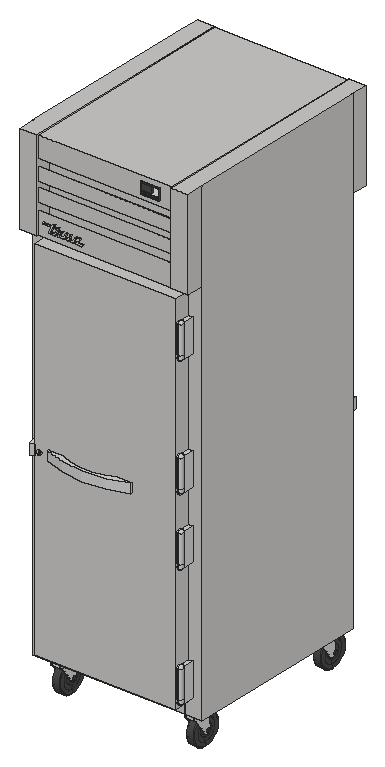
Revit family "QF_TRUE_STG1RPT-1S-1S-HC", category Specialty Equipment, Revit 2012 (continued)
Automatic sketch dimensions
  Extrusion 9 sketch curve to Extrusion 9 sketch curve = 0.02615"
  Extrusion 9 sketch curve to Extrusion 9 sketch curve = 0.11806"
  Extrusion 9 sketch curve to Extrusion 9 sketch curve = 0.15103"
  Extrusion 9 sketch curve to Extrusion 9 sketch curve = 0.10007"
  Extrusion 9 sketch curve to Extrusion 9 sketch curve = 0.5254"
  Extrusion 9 sketch curve to Extrusion 9 sketch curve = 0.14787"
  Extrusion 9 sketch curve to plane 5 "TOP" = 13.64562"
  Extrusion 9 sketch curve to Extrusion 9 sketch curve = 0.07275"
  Extrusion 9 sketch curve to Extrusion 9 sketch curve = 0.05776"
  Extrusion 9 sketch curve to Extrusion 9 sketch curve = 0.08631"
  Extrusion 9 sketch curve to Extrusion 9 sketch curve = 0.09282"
  Extrusion 9 sketch curve to Extrusion 9 sketch curve = 0.13018"
  Extrusion 9 sketch curve to Extrusion 9 sketch curve = 0.16714"
  Extrusion 9 sketch curve to Extrusion 9 sketch curve = 0.11061"
  Extrusion 9 sketch curve to Extrusion 9 sketch curve = 0.06046"
  Extrusion 9 sketch curve to Extrusion 9 sketch curve = 0.16548"
  Extrusion 9 sketch curve to Extrusion 9 sketch curve = 0.14279"
  Extrusion 9 sketch curve to Extrusion 9 sketch curve = 0.0496"
  Extrusion 9 sketch curve to Extrusion 9 sketch curve = 0.07293"
  Extrusion 9 sketch curve to Extrusion 9 sketch curve = 0.07764"
  Extrusion 9 sketch curve to Extrusion 9 sketch curve = 0.03794"
  Extrusion 9 sketch curve to Extrusion 9 sketch curve = 0.08552"
  Extrusion 9 sketch curve to Extrusion 9 sketch curve = 0.09296"
  Extrusion 9 sketch curve to Extrusion 9 sketch curve = 0.09314"
  Extrusion 9 sketch curve to Extrusion 9 sketch curve = 0.02781"
  Extrusion 9 sketch curve to Extrusion 9 sketch curve = 0.04981"
  Extrusion 9 sketch curve to Extrusion 9 sketch curve = 0.09315"
  Extrusion 9 sketch curve to Extrusion 9 sketch curve = 0.04799"
  Extrusion 9 sketch curve to Extrusion 9 sketch curve = 0.02531"
  Extrusion 9 sketch curve to Extrusion 9 sketch curve = 0.03054"
  Extrusion 9 sketch curve to Extrusion 9 sketch curve = 0.2589"
  Extrusion 9 sketch curve to Extrusion 9 sketch curve = 0.0674"
  Extrusion 9 sketch curve to Extrusion 9 sketch curve = 0.0324"
  Extrusion 9 sketch curve to Extrusion 9 sketch curve = 0.26185"
  Extrusion 9 sketch curve to Extrusion 9 sketch curve = 11/256"
  Extrusion 9 sketch curve to Extrusion 9 sketch curve = 0.07366"
  Extrusion 9 sketch curve to Extrusion 9 sketch curve = 0.02187"
  Extrusion 9 sketch curve to Extrusion 9 sketch curve = 0.06479"
  Extrusion 9 sketch curve to Extrusion 9 sketch curve = 0.01183"
  Extrusion 9 sketch curve to Extrusion 9 sketch curve = 0.05778"
  Extrusion 9 sketch curve to Extrusion 9 sketch curve = 0.53375"
  Extrusion 9 sketch curve to Extrusion 9 sketch curve = 0.23098"
  Extrusion 9 sketch curve to Extrusion 9 sketch curve = 0"
  Extrusion 9 sketch curve to Extrusion 9 sketch curve = 0.05045"
  Extrusion 9 sketch curve to Extrusion 9 sketch curve = 0.09139"
  Extrusion 9 sketch curve to Extrusion 9 sketch curve = 29/128"  (x3)
  Extrusion 10 sketch curve to plane 3 "RIGHT" = 3 1/4"
  Extrusion 10 sketch curve to plane 5 "TOP" = 2 1/8"
  plane 2 "LEFT" to Blend 11 sketch curve = 2 9/32"
  Blend 11 sketch curve to Blend 11 sketch curve = 3/4"
  plane 6 to Blend 11 sketch curve = 32.61669"
  Blend 11 sketch curve to Blend 11 sketch curve = 1 3/4"
  Blend 11 sketch curve to plane 2 "LEFT" = 2 9/32"
  Blend 11 sketch curve to Blend 11 sketch curve = 0.93223"
  Blend 11 sketch curve to plane 6 = 30.2691"
  Blend 11 sketch curve to Blend 11 sketch curve = 2.78233"
  Extrusion 12 sketch curve to plane 4 "FRONT" = 0.60979"
  Extrusion 12 sketch curve to Extrusion 12 sketch curve = 0.43503"
  Extrusion 12 sketch curve to Extrusion 12 sketch curve = 0.20453"
  Extrusion 12 sketch curve to Extrusion 12 sketch curve = 1.50065"
  Extrusion 12 sketch curve to plane 5 "TOP" = 19.57271"
  Extrusion 12 sketch curve to Extrusion 12 sketch curve = 4.39928"
  Extrusion 12 sketch curve to Extrusion 12 sketch curve = 0.71221"
  Revolve 13 sketch curve to plane 4 "FRONT" = 3/16"  (x2)
  Revolve 13 sketch curve to Revolve 13 sketch curve = 0.38242"
  Revolve 13 sketch curve to Revolve 13 sketch curve = 0.38436"
  Revolve 13 sketch curve to plane 4 "FRONT" = 0.59416"
  Revolve 13 sketch curve to Revolve 13 sketch curve = 0.40666"
  Revolve 13 sketch curve to Revolve 13 sketch curve = 0"
  Revolve 13 sketch curve to plane 5 "TOP" = 18.75492"
  Revolve 13 sketch curve to Revolve 13 sketch curve = 0.55526"
  Revolve 13 sketch curve to Revolve 13 sketch curve = 0.19474"
  Revolve 13 sketch curve to Revolve 13 sketch curve = 0.14649"
  Revolve 13 sketch curve to Revolve 13 sketch curve = 4.42889"
  Revolve 13 sketch curve to Revolve 13 sketch curve = 0.05342"
  Revolve 13 sketch curve to Revolve 13 sketch curve = 0.51246"
  Revolve 13 sketch curve to Revolve 13 sketch curve = 0.05889"
  Extrusion 14 sketch curve to plane 3 "RIGHT" = 1.88366"
  Extrusion 14 sketch curve to Extrusion 14 sketch curve = 0.39759"
  Extrusion 14 sketch curve to plane 5 "TOP" = 19.6514"
  Extrusion 14 sketch curve to Extrusion 14 sketch curve = 4.47281"
  Extrusion 15 sketch curve to plane 4 "FRONT" = 0.60979"
  Extrusion 15 sketch curve to Extrusion 15 sketch curve = 0.43503"
  Extrusion 15 sketch curve to Extrusion 15 sketch curve = 0.20453"
  Extrusion 15 sketch curve to Extrusion 15 sketch curve = 1.50065"
  plane 6 to Extrusion 15 sketch curve = 38.92729"
  Extrusion 15 sketch curve to Extrusion 15 sketch curve = 4.39928"
  Extrusion 15 sketch curve to Extrusion 15 sketch curve = 0.71221"
  Revolve 16 sketch curve to plane 4 "FRONT" = 3/16"  (x2)
  Revolve 16 sketch curve to Revolve 16 sketch curve = 0.38242"
  Revolve 16 sketch curve to Revolve 16 sketch curve = 0.38436"
  Revolve 16 sketch curve to plane 4 "FRONT" = 0.59416"
  Revolve 16 sketch curve to Revolve 16 sketch curve = 0.40666"
  Revolve 16 sketch curve to Revolve 16 sketch curve = 0"
  Revolve 16 sketch curve to plane 5 "TOP" = 38.25492"
  Revolve 16 sketch curve to Revolve 16 sketch curve = 0.55526"
  Revolve 16 sketch curve to Revolve 16 sketch curve = 0.19474"
  Revolve 16 sketch curve to Revolve 16 sketch curve = 0.14649"
  Revolve 16 sketch curve to Revolve 16 sketch curve = 4.42889"
  Revolve 16 sketch curve to Revolve 16 sketch curve = 0.05342"
  Revolve 16 sketch curve to Revolve 16 sketch curve = 0.51246"
  Revolve 16 sketch curve to Revolve 16 sketch curve = 0.05889"
  Extrusion 17 sketch curve to plane 3 "RIGHT" = 1.88366"
  Extrusion 17 sketch curve to Extrusion 17 sketch curve = 0.39759"
  plane 6 to Extrusion 17 sketch curve = 38.8486"
  Extrusion 17 sketch curve to Extrusion 17 sketch curve = 4.47281"
  Extrusion 18 sketch curve to plane 4 "FRONT" = 0.60979"
  Extrusion 18 sketch curve to Extrusion 18 sketch curve = 0.43503"
  Extrusion 18 sketch curve to Extrusion 18 sketch curve = 0.20453"
  Extrusion 18 sketch curve to Extrusion 18 sketch curve = 1.50065"
  plane 6 to Extrusion 18 sketch curve = 27.92729"
  Extrusion 18 sketch curve to Extrusion 18 sketch curve = 4.39928"
  Extrusion 18 sketch curve to Extrusion 18 sketch curve = 0.71221"
  Revolve 19 sketch curve to plane 4 "FRONT" = 3/16"  (x2)
  Revolve 19 sketch curve to Revolve 19 sketch curve = 0.38242"
  Revolve 19 sketch curve to Revolve 19 sketch curve = 0.38436"
  Revolve 19 sketch curve to plane 4 "FRONT" = 0.59416"
  Revolve 19 sketch curve to Revolve 19 sketch curve = 0.40666"
  Revolve 19 sketch curve to Revolve 19 sketch curve = 0"
  plane 6 to Revolve 19 sketch curve = 28.74508"
  Revolve 19 sketch curve to Revolve 19 sketch curve = 0.55526"
  Revolve 19 sketch curve to Revolve 19 sketch curve = 0.19474"
  Revolve 19 sketch curve to Revolve 19 sketch curve = 0.14649"
  Revolve 19 sketch curve to Revolve 19 sketch curve = 4.42889"
  Revolve 19 sketch curve to Revolve 19 sketch curve = 0.05342"
  Revolve 19 sketch curve to Revolve 19 sketch curve = 0.51246"
  Revolve 19 sketch curve to Revolve 19 sketch curve = 0.05889"
  Extrusion 20 sketch curve to plane 3 "RIGHT" = 1.88366"
  Extrusion 20 sketch curve to Extrusion 20 sketch curve = 0.39759"
  plane 6 to Extrusion 20 sketch curve = 27.8486"
  Extrusion 20 sketch curve to Extrusion 20 sketch curve = 4.47281"
  Extrusion 21 sketch curve to plane 4 "FRONT" = 0.60979"
  Extrusion 21 sketch curve to Extrusion 21 sketch curve = 0.43503"
  Extrusion 21 sketch curve to Extrusion 21 sketch curve = 0.20453"
  Extrusion 21 sketch curve to Extrusion 21 sketch curve = 1.50065"
  plane 6 to Extrusion 21 sketch curve = 8.17729"
  plane 6 to Extrusion 21 sketch curve = 3.57348"
  Extrusion 21 sketch curve to Extrusion 21 sketch curve = 0.75105"
  Revolve 22 sketch curve to plane 4 "FRONT" = 3/16"  (x2)
  Revolve 22 sketch curve to Revolve 22 sketch curve = 0.38242"
  Revolve 22 sketch curve to Revolve 22 sketch curve = 0.38436"
  Revolve 22 sketch curve to plane 4 "FRONT" = 0.59416"
  Revolve 22 sketch curve to Revolve 22 sketch curve = 0.40666"
  Revolve 22 sketch curve to Revolve 22 sketch curve = 0"
  plane 6 to Revolve 22 sketch curve = 8.99508"
  Revolve 22 sketch curve to Revolve 22 sketch curve = 0.55526"
  Revolve 22 sketch curve to Revolve 22 sketch curve = 0.19474"
  Revolve 22 sketch curve to Revolve 22 sketch curve = 0.14649"
  plane 6 to Revolve 22 sketch curve = 3.62689"
  Revolve 22 sketch curve to Revolve 22 sketch curve = 0.05342"
  Revolve 22 sketch curve to Revolve 22 sketch curve = 0.51246"
  Revolve 22 sketch curve to Revolve 22 sketch curve = 0.05889"
  Extrusion 23 sketch curve to plane 3 "RIGHT" = 1.88366"
  Extrusion 23 sketch curve to Extrusion 23 sketch curve = 0.39759"
  plane 6 to Extrusion 23 sketch curve = 8.0986"
  plane 6 to Extrusion 23 sketch curve = 3.62579"
  Revolve 24 sketch curve to plane 3 "RIGHT" = 4.35148"
  Revolve 24 sketch curve to Revolve 24 sketch curve = 0.48273"
  Revolve 24 sketch curve to Revolve 24 sketch curve = 0.4"
  Revolve 24 sketch curve to Revolve 24 sketch curve = 0"  (x2)
  Revolve 24 sketch curve to Revolve 24 sketch curve = 0.1"  (x2)
  Revolve 24 sketch curve to Revolve 24 sketch curve = 0.16101"
  Revolve 24 sketch curve to Revolve 24 sketch curve = 0.75408"
  Revolve 24 sketch curve to Revolve 24 sketch curve = 0.92798"
  Revolve 24 sketch curve to Revolve 24 sketch curve = 0.06101"
  Revolve 24 sketch curve to Revolve 24 sketch curve = 1/2"
  Revolve 24 sketch curve to Revolve 24 sketch curve = 0.16509"
  Revolve 24 sketch curve to Revolve 24 sketch curve = 0.39592"
  level to Revolve 24 sketch curve = 2 1/2"
  Revolve 24 sketch curve to Revolve 24 sketch curve = 0.29941"  (x2)
  Revolve 24 sketch curve to Revolve 24 sketch curve = 3/4"  (x4)
  Revolve 24 sketch curve to Revolve 24 sketch curve = 0.59652"
  Revolve 24 sketch curve to Revolve 24 sketch curve = 0.60059"
  Extrusion 25 sketch curve to plane 6 = 0.63926"  (x2)
  Extrusion 25 sketch curve to plane 4 "FRONT" = 3.79864"
  Extrusion 25 sketch curve to Extrusion 25 sketch curve = 1/4"  (x2)
  level to Extrusion 25 sketch curve = 2.18736"  (x2)
  Extrusion 25 sketch curve to Extrusion 25 sketch curve = 1.7492"  (x2)
  Extrusion 25 sketch curve to Extrusion 25 sketch curve = 0.50669"  (x2)
  Extrusion 25 sketch curve to Extrusion 25 sketch curve = 2 1/2"  (x2)
  level to Extrusion 25 sketch curve = 2.59003"  (x2)
  Extrusion 25 sketch curve to Extrusion 25 sketch curve = 0.59966"  (x2)
  plane 8 to Extrusion 25 sketch curve = 6.82645"
  Extrusion 25 sketch curve to Extrusion 25 sketch curve = 0.60485"  (x2)
  Extrusion 26 sketch curve to plane 6 = 0.63926"  (x2)
  Extrusion 26 sketch curve to plane 4 "FRONT" = 3.79864"
  Extrusion 26 sketch curve to Extrusion 26 sketch curve = 1/4"  (x2)
  level to Extrusion 26 sketch curve = 2.18736"  (x2)
  Extrusion 26 sketch curve to Extrusion 26 sketch curve = 1.7492"  (x2)
  Extrusion 26 sketch curve to Extrusion 26 sketch curve = 0.50669"  (x2)
  Extrusion 26 sketch curve to Extrusion 26 sketch curve = 2 1/2"  (x2)
  level to Extrusion 26 sketch curve = 2.59003"  (x2)
  Extrusion 26 sketch curve to Extrusion 26 sketch curve = 0.59966"  (x2)
  plane 8 to Extrusion 26 sketch curve = 6.82645"
  Extrusion 26 sketch curve to Extrusion 26 sketch curve = 0.60485"  (x2)
  Revolve 27 sketch curve to plane 6 = 0.62954"
  Revolve 27 sketch curve to plane 3 "RIGHT" = 4.14082"
  Revolve 27 sketch curve to Revolve 27 sketch curve = 1.29707"
  Revolve 27 sketch curve to Revolve 27 sketch curve = 0"
  Revolve 27 sketch curve to Revolve 27 sketch curve = 0.10278"
  Revolve 27 sketch curve to plane 6 = 0.00141"
  plane 6 to Revolve 27 sketch curve = 0.26768"
  Revolve 28 sketch curve to level = 0"
  Revolve 28 sketch curve to plane 6 = 0"
  Revolve 28 sketch curve to plane 3 "RIGHT" = 4.17713"
  level to Revolve 28 sketch curve = 1"
  Revolve 28 sketch curve to plane 3 "RIGHT" = 3 19/32"
  Revolve 28 sketch curve to Revolve 28 sketch curve = 1/4"
  Revolve 28 sketch curve to Revolve 28 sketch curve = 1/2"
  Revolve 28 sketch curve to Revolve 28 sketch curve = 0"
  Revolve 28 sketch curve to Revolve 28 sketch curve = 5/8"
  plane 6 to Revolve 28 sketch curve = 1 25/32"
  Revolve 29 sketch curve to level = 0"
  Revolve 29 sketch curve to plane 6 = 0"
  Revolve 29 sketch curve to plane 3 "RIGHT" = 4.17713"
  level to Revolve 29 sketch curve = 1"
  Revolve 29 sketch curve to plane 3 "RIGHT" = 3 19/32"
  Revolve 29 sketch curve to Revolve 29 sketch curve = 1/4"
  Revolve 29 sketch curve to Revolve 29 sketch curve = 1/2"
  Revolve 29 sketch curve to Revolve 29 sketch curve = 0"
  Revolve 29 sketch curve to Revolve 29 sketch curve = 5/8"
  plane 6 to Revolve 29 sketch curve = 1 25/32"
  Revolve 30 sketch curve to plane 6 = 0.62954"
  Revolve 30 sketch curve to plane 3 "RIGHT" = 4.14082"
  Revolve 30 sketch curve to Revolve 30 sketch curve = 1.29707"
  Revolve 30 sketch curve to Revolve 30 sketch curve = 0"
  Revolve 30 sketch curve to Revolve 30 sketch curve = 0.10278"
  Revolve 30 sketch curve to plane 6 = 0.00141"
  plane 6 to Revolve 30 sketch curve = 0.26768"
  Extrusion 31 sketch curve to plane 6 = 0.63926"  (x2)
  Extrusion 31 sketch curve to plane 4 "FRONT" = 3.79864"
  Extrusion 31 sketch curve to Extrusion 31 sketch curve = 1/4"  (x2)
  Extrusion 31 sketch curve to Extrusion 31 sketch curve = 2 1/2"  (x2)
  Extrusion 31 sketch curve to plane 6 = 0.93273"  (x2)
  Extrusion 31 sketch curve to Extrusion 31 sketch curve = 0.03603"
  plane 8 to Extrusion 31 sketch curve = 6.82645"
  Extrusion 31 sketch curve to plane 6 = 1.24411"
  plane 2 "LEFT" to Revolve 32 sketch curve = 1.33602"
  Revolve 32 sketch curve to Revolve 32 sketch curve = 0.48273"
  Revolve 32 sketch curve to Revolve 32 sketch curve = 0.4"
  Revolve 32 sketch curve to Revolve 32 sketch curve = 0"  (x2)
  Revolve 32 sketch curve to Revolve 32 sketch curve = 0.1"  (x2)
  Revolve 32 sketch curve to Revolve 32 sketch curve = 0.16101"
  Revolve 32 sketch curve to Revolve 32 sketch curve = 0.75408"
  Revolve 32 sketch curve to Revolve 32 sketch curve = 0.92798"
  Revolve 32 sketch curve to Revolve 32 sketch curve = 0.06101"
  Revolve 32 sketch curve to Revolve 32 sketch curve = 1/2"
  Revolve 32 sketch curve to Revolve 32 sketch curve = 0.16509"
  Revolve 32 sketch curve to Revolve 32 sketch curve = 0.39592"
  level to Revolve 32 sketch curve = 2 1/2"
  Revolve 32 sketch curve to Revolve 32 sketch curve = 0.29941"  (x2)
  Revolve 32 sketch curve to Revolve 32 sketch curve = 3/4"  (x4)
  Revolve 32 sketch curve to Revolve 32 sketch curve = 0.59652"
  Revolve 32 sketch curve to Revolve 32 sketch curve = 0.60059"
  Extrusion 33 sketch curve to plane 6 = 0.63926"  (x2)
  Extrusion 33 sketch curve to plane 4 "FRONT" = 3.79864"
  Extrusion 33 sketch curve to Extrusion 33 sketch curve = 1/4"  (x2)
  level to Extrusion 33 sketch curve = 2.18736"  (x2)
  Extrusion 33 sketch curve to Extrusion 33 sketch curve = 1.7492"  (x2)
  Extrusion 33 sketch curve to Extrusion 33 sketch curve = 0.50669"  (x2)
  Extrusion 33 sketch curve to Extrusion 33 sketch curve = 2 1/2"  (x2)
  level to Extrusion 33 sketch curve = 2.59003"  (x2)
  Extrusion 33 sketch curve to Extrusion 33 sketch curve = 0.59966"  (x2)
  plane 8 to Extrusion 33 sketch curve = 6.82645"
  Extrusion 33 sketch curve to Extrusion 33 sketch curve = 0.60485"  (x2)
  Extrusion 34 sketch curve to plane 6 = 0.63926"  (x2)
  Extrusion 34 sketch curve to plane 4 "FRONT" = 3.79864"
  Extrusion 34 sketch curve to Extrusion 34 sketch curve = 1/4"  (x2)
  level to Extrusion 34 sketch curve = 2.18736"  (x2)
  Extrusion 34 sketch curve to Extrusion 34 sketch curve = 1.7492"  (x2)
  Extrusion 34 sketch curve to Extrusion 34 sketch curve = 0.50669"  (x2)
  Extrusion 34 sketch curve to Extrusion 34 sketch curve = 2 1/2"  (x2)
  level to Extrusion 34 sketch curve = 2.59003"  (x2)
  Extrusion 34 sketch curve to Extrusion 34 sketch curve = 0.59966"  (x2)
  plane 8 to Extrusion 34 sketch curve = 6.82645"
  Extrusion 34 sketch curve to Extrusion 34 sketch curve = 0.60485"  (x2)
  Revolve 35 sketch curve to plane 6 = 0.62954"
  plane 2 "LEFT" to Revolve 35 sketch curve = 1.54668"
  Revolve 35 sketch curve to Revolve 35 sketch curve = 1.29707"
  Revolve 35 sketch curve to Revolve 35 sketch curve = 0"
  Revolve 35 sketch curve to Revolve 35 sketch curve = 0.10278"
  Revolve 35 sketch curve to plane 6 = 0.00141"
  plane 6 to Revolve 35 sketch curve = 0.26768"
  Revolve 36 sketch curve to level = 0"
  Revolve 36 sketch curve to plane 6 = 0"
  plane 2 "LEFT" to Revolve 36 sketch curve = 1.51037"
  level to Revolve 36 sketch curve = 1"
  plane 2 "LEFT" to Revolve 36 sketch curve = 2 3/32"
  Revolve 36 sketch curve to Revolve 36 sketch curve = 1/4"
  Revolve 36 sketch curve to Revolve 36 sketch curve = 1/2"
  Revolve 36 sketch curve to Revolve 36 sketch curve = 0"
  Revolve 36 sketch curve to Revolve 36 sketch curve = 5/8"
  plane 6 to Revolve 36 sketch curve = 1 25/32"
  Revolve 37 sketch curve to level = 0"
  Revolve 37 sketch curve to plane 6 = 0"
  plane 2 "LEFT" to Revolve 37 sketch curve = 1.51037"
  level to Revolve 37 sketch curve = 1"
  plane 2 "LEFT" to Revolve 37 sketch curve = 2 3/32"
  Revolve 37 sketch curve to Revolve 37 sketch curve = 1/4"
  Revolve 37 sketch curve to Revolve 37 sketch curve = 1/2"
  Revolve 37 sketch curve to Revolve 37 sketch curve = 0"
  Revolve 37 sketch curve to Revolve 37 sketch curve = 5/8"
  plane 6 to Revolve 37 sketch curve = 1 25/32"
  Revolve 38 sketch curve to plane 6 = 0.62954"
  plane 2 "LEFT" to Revolve 38 sketch curve = 1.54668"
  Revolve 38 sketch curve to Revolve 38 sketch curve = 1.29707"
  Revolve 38 sketch curve to Revolve 38 sketch curve = 0"
  Revolve 38 sketch curve to Revolve 38 sketch curve = 0.10278"
  Revolve 38 sketch curve to plane 6 = 0.00141"
  plane 6 to Revolve 38 sketch curve = 0.26768"
  Extrusion 39 sketch curve to plane 6 = 0.63926"  (x2)
  Extrusion 39 sketch curve to plane 4 "FRONT" = 3.79864"
  Extrusion 39 sketch curve to Extrusion 39 sketch curve = 1/4"  (x2)
  Extrusion 39 sketch curve to Extrusion 39 sketch curve = 2 1/2"  (x2)
  Extrusion 39 sketch curve to plane 6 = 0.93273"  (x2)
  Extrusion 39 sketch curve to Extrusion 39 sketch curve = 0.03603"
  plane 8 to Extrusion 39 sketch curve = 6.82645"
  Extrusion 39 sketch curve to plane 6 = 1.24411"
  plane 2 "LEFT" to Extrusion 40 sketch curve = 2 9/32"
  Extrusion 40 sketch curve to plane 3 "RIGHT" = 2 9/32"
  Extrusion 40 sketch curve to plane 5 "TOP" = 16 5/32"
  plane 6 to Extrusion 40 sketch curve = 1 29/32"
  plane 8 to Extrusion 41 sketch curve = 0"
  Extrusion 41 sketch curve to plane 3 "RIGHT" = 2 55/64"
  Extrusion 41 sketch curve to plane 3 "RIGHT" = 3/64"
  Extrusion 41 sketch curve to Extrusion 41 sketch curve = 2 3/4"
  plane 8 to Extrusion 42 sketch curve = 0"
  plane 2 "LEFT" to Extrusion 42 sketch curve = 3/64"
  Extrusion 42 sketch curve to Extrusion 42 sketch curve = 2 13/16"
  Extrusion 42 sketch curve to Extrusion 42 sketch curve = 3.0792"
  plane 8 to Extrusion 43 sketch curve = 0.60979"
  Extrusion 43 sketch curve to Extrusion 43 sketch curve = 0.43503"
  Extrusion 43 sketch curve to Extrusion 43 sketch curve = 0.20453"
  Extrusion 43 sketch curve to Extrusion 43 sketch curve = 1.50065"
  Extrusion 43 sketch curve to plane 5 "TOP" = 19.57271"
  Extrusion 43 sketch curve to Extrusion 43 sketch curve = 4.39928"
  Extrusion 43 sketch curve to Extrusion 43 sketch curve = 0.71221"
  plane 8 to Revolve 44 sketch curve = 3/16"  (x2)
  Revolve 44 sketch curve to Revolve 44 sketch curve = 0.38242"
  Revolve 44 sketch curve to Revolve 44 sketch curve = 0.38436"
  plane 8 to Revolve 44 sketch curve = 0.59416"
  Revolve 44 sketch curve to Revolve 44 sketch curve = 0.40666"
  Revolve 44 sketch curve to Revolve 44 sketch curve = 0"
  Revolve 44 sketch curve to plane 5 "TOP" = 18.75492"
  Revolve 44 sketch curve to Revolve 44 sketch curve = 0.55526"
  Revolve 44 sketch curve to Revolve 44 sketch curve = 0.19474"
  Revolve 44 sketch curve to Revolve 44 sketch curve = 0.14649"
  Revolve 44 sketch curve to Revolve 44 sketch curve = 4.42889"
  Revolve 44 sketch curve to Revolve 44 sketch curve = 0.05342"
  Revolve 44 sketch curve to Revolve 44 sketch curve = 0.51246"
  Revolve 44 sketch curve to Revolve 44 sketch curve = 0.05889"
  plane 2 "LEFT" to Extrusion 45 sketch curve = 1.88366"
  Extrusion 45 sketch curve to Extrusion 45 sketch curve = 0.39759"
  Extrusion 45 sketch curve to plane 5 "TOP" = 19.6514"
  Extrusion 45 sketch curve to Extrusion 45 sketch curve = 4.47281"
  plane 8 to Extrusion 46 sketch curve = 0.60979"
  Extrusion 46 sketch curve to Extrusion 46 sketch curve = 0.43503"
  Extrusion 46 sketch curve to Extrusion 46 sketch curve = 0.20453"
  Extrusion 46 sketch curve to Extrusion 46 sketch curve = 1.50065"
  plane 6 to Extrusion 46 sketch curve = 38.92729"
  Extrusion 46 sketch curve to Extrusion 46 sketch curve = 4.39928"
  Extrusion 46 sketch curve to Extrusion 46 sketch curve = 0.71221"
  plane 8 to Revolve 47 sketch curve = 3/16"  (x2)
  Revolve 47 sketch curve to Revolve 47 sketch curve = 0.38242"
  Revolve 47 sketch curve to Revolve 47 sketch curve = 0.38436"
  plane 8 to Revolve 47 sketch curve = 0.59416"
  Revolve 47 sketch curve to Revolve 47 sketch curve = 0.40666"
  Revolve 47 sketch curve to Revolve 47 sketch curve = 0"
  Revolve 47 sketch curve to plane 5 "TOP" = 38.25492"
  Revolve 47 sketch curve to Revolve 47 sketch curve = 0.55526"
  Revolve 47 sketch curve to Revolve 47 sketch curve = 0.19474"
  Revolve 47 sketch curve to Revolve 47 sketch curve = 0.14649"
  Revolve 47 sketch curve to Revolve 47 sketch curve = 4.42889"
  Revolve 47 sketch curve to Revolve 47 sketch curve = 0.05342"
  Revolve 47 sketch curve to Revolve 47 sketch curve = 0.51246"
  Revolve 47 sketch curve to Revolve 47 sketch curve = 0.05889"
  plane 2 "LEFT" to Extrusion 48 sketch curve = 1.88366"
  Extrusion 48 sketch curve to Extrusion 48 sketch curve = 0.39759"
  plane 6 to Extrusion 48 sketch curve = 38.8486"
  Extrusion 48 sketch curve to Extrusion 48 sketch curve = 4.47281"
  plane 8 to Extrusion 49 sketch curve = 0.60979"
  Extrusion 49 sketch curve to Extrusion 49 sketch curve = 0.43503"
  Extrusion 49 sketch curve to Extrusion 49 sketch curve = 0.20453"
  Extrusion 49 sketch curve to Extrusion 49 sketch curve = 1.50065"
  plane 6 to Extrusion 49 sketch curve = 27.92729"
  Extrusion 49 sketch curve to Extrusion 49 sketch curve = 4.39928"
  Extrusion 49 sketch curve to Extrusion 49 sketch curve = 0.71221"
  plane 8 to Revolve 50 sketch curve = 3/16"  (x2)
  Revolve 50 sketch curve to Revolve 50 sketch curve = 0.38242"
  Revolve 50 sketch curve to Revolve 50 sketch curve = 0.38436"
  plane 8 to Revolve 50 sketch curve = 0.59416"
  Revolve 50 sketch curve to Revolve 50 sketch curve = 0.40666"
  Revolve 50 sketch curve to Revolve 50 sketch curve = 0"
  plane 6 to Revolve 50 sketch curve = 28.74508"
  Revolve 50 sketch curve to Revolve 50 sketch curve = 0.55526"
  Revolve 50 sketch curve to Revolve 50 sketch curve = 0.19474"
  Revolve 50 sketch curve to Revolve 50 sketch curve = 0.14649"
  Revolve 50 sketch curve to Revolve 50 sketch curve = 4.42889"
  Revolve 50 sketch curve to Revolve 50 sketch curve = 0.05342"
  Revolve 50 sketch curve to Revolve 50 sketch curve = 0.51246"
  Revolve 50 sketch curve to Revolve 50 sketch curve = 0.05889"
  plane 2 "LEFT" to Extrusion 51 sketch curve = 1.88366"
  Extrusion 51 sketch curve to Extrusion 51 sketch curve = 0.39759"
  plane 6 to Extrusion 51 sketch curve = 27.8486"
  Extrusion 51 sketch curve to Extrusion 51 sketch curve = 4.47281"
  plane 8 to Extrusion 52 sketch curve = 0.60979"
  Extrusion 52 sketch curve to Extrusion 52 sketch curve = 0.43503"
  Extrusion 52 sketch curve to Extrusion 52 sketch curve = 0.20453"
  Extrusion 52 sketch curve to Extrusion 52 sketch curve = 1.50065"
  plane 6 to Extrusion 52 sketch curve = 8.17729"
  plane 6 to Extrusion 52 sketch curve = 3.57348"
  Extrusion 52 sketch curve to Extrusion 52 sketch curve = 0.71221"
  plane 8 to Revolve 53 sketch curve = 3/16"  (x2)
  Revolve 53 sketch curve to Revolve 53 sketch curve = 0.38242"
  Revolve 53 sketch curve to Revolve 53 sketch curve = 0.38436"
  plane 8 to Revolve 53 sketch curve = 0.59416"
  Revolve 53 sketch curve to Revolve 53 sketch curve = 0.40666"
  Revolve 53 sketch curve to Revolve 53 sketch curve = 0"
  plane 6 to Revolve 53 sketch curve = 8.99508"
  Revolve 53 sketch curve to Revolve 53 sketch curve = 0.55526"
  Revolve 53 sketch curve to Revolve 53 sketch curve = 0.19474"
  Revolve 53 sketch curve to Revolve 53 sketch curve = 0.14649"
  plane 6 to Revolve 53 sketch curve = 3.62689"
  Revolve 53 sketch curve to Revolve 53 sketch curve = 0.05342"
  Revolve 53 sketch curve to Revolve 53 sketch curve = 0.51246"
  Revolve 53 sketch curve to Revolve 53 sketch curve = 0.05889"
  plane 2 "LEFT" to Extrusion 54 sketch curve = 1.88366"
  Extrusion 54 sketch curve to Extrusion 54 sketch curve = 0.39759"
  plane 6 to Extrusion 54 sketch curve = 8.0986"
  plane 6 to Extrusion 54 sketch curve = 3.62579"
  Extrusion 55 sketch curve to Extrusion 40 = 217/256"
  Extrusion 55 sketch curve to Extrusion 55 sketch curve = 9/256"
  Extrusion 55 sketch curve to Extrusion 55 sketch curve = 0.0555"
  Extrusion 55 sketch curve to Extrusion 40 = 29.6176"
  Extrusion 55 sketch curve to Extrusion 55 sketch curve = 0.27385"
  Extrusion 55 sketch curve to Extrusion 55 sketch curve = 0.29355"
  Blend 56 sketch curve to plane 3 "RIGHT" = 2 9/32"  (x2)
  Blend 56 sketch curve to Blend 56 sketch curve = 3/4"
  plane 6 to Blend 56 sketch curve = 32.17919"
  Blend 56 sketch curve to Blend 56 sketch curve = 1 3/4"
  Blend 56 sketch curve to Blend 56 sketch curve = 0.93223"
  plane 6 to Blend 56 sketch curve = 32.61393"
  Blend 56 sketch curve to Blend 56 sketch curve = 2.78233"
  Extrusion 57 sketch curve to plane 5 "TOP" = 2.55982"
  Extrusion 57 sketch curve to plane 3 "RIGHT" = 7.75585"
  Extrusion 57 sketch curve to Extrusion 57 sketch curve = 2 29/32"
  Extrusion 57 sketch curve to plane 5 "TOP" = 13/16"
  Extrusion 58 sketch curve to plane 5 "TOP" = 3/4"
  Extrusion 58 sketch curve to plane 3 "RIGHT" = 7.81835"
  Extrusion 58 sketch curve to Extrusion 58 sketch curve = 1/16"  (x4)
  Extrusion 58 sketch curve to Extrusion 58 sketch curve = 0.1375"  (x2)
  Extrusion 58 sketch curve to Extrusion 58 sketch curve = 1/4"  (x4)
  Extrusion 58 sketch curve to Extrusion 58 sketch curve = 0.44601"
  Extrusion 58 sketch curve to Extrusion 58 sketch curve = 1/2"  (x2)
  Extrusion 58 sketch curve to Extrusion 58 sketch curve = 0.0035"
  Extrusion 58 sketch curve to Extrusion 58 sketch curve = 1.06923"
  Extrusion 58 sketch curve to plane 5 "TOP" = 0.95"
  Extrusion 58 sketch curve to Extrusion 58 sketch curve = 1"
  Extrusion 58 sketch curve to Extrusion 58 sketch curve = 0.34106"  (x3)
  Extrusion 58 sketch curve to Extrusion 58 sketch curve = 0"
  Extrusion 58 sketch curve to Extrusion 58 sketch curve = 0.26876"
  Revolve 59 sketch curve to plane 3 "RIGHT" = 4.35148"
  Revolve 59 sketch curve to Revolve 59 sketch curve = 0.48273"
  Revolve 59 sketch curve to Revolve 59 sketch curve = 0.4"
  Revolve 59 sketch curve to Revolve 59 sketch curve = 0"  (x2)
  Revolve 59 sketch curve to Revolve 59 sketch curve = 0.1"  (x2)
  Revolve 59 sketch curve to Revolve 59 sketch curve = 0.16101"
  Revolve 59 sketch curve to Revolve 59 sketch curve = 0.75408"
  Revolve 59 sketch curve to Revolve 59 sketch curve = 0.92798"
  Revolve 59 sketch curve to Revolve 59 sketch curve = 0.06101"
  Revolve 59 sketch curve to Revolve 59 sketch curve = 1/2"
  Revolve 59 sketch curve to Revolve 59 sketch curve = 0.16509"
  Revolve 59 sketch curve to Revolve 59 sketch curve = 0.39592"
  level to Revolve 59 sketch curve = 2 1/2"
  Revolve 59 sketch curve to Revolve 59 sketch curve = 0.29941"  (x2)
  Revolve 59 sketch curve to Revolve 59 sketch curve = 3/4"  (x4)
  Revolve 59 sketch curve to Revolve 59 sketch curve = 0.59652"
  Revolve 59 sketch curve to Revolve 59 sketch curve = 0.60059"
  plane 2 "LEFT" to Revolve 60 sketch curve = 1.33602"
  Revolve 60 sketch curve to Revolve 60 sketch curve = 0.48273"
  Revolve 60 sketch curve to Revolve 60 sketch curve = 0.4"
  Revolve 60 sketch curve to Revolve 60 sketch curve = 0"  (x2)
  Revolve 60 sketch curve to Revolve 60 sketch curve = 0.1"  (x2)
  Revolve 60 sketch curve to Revolve 60 sketch curve = 0.16101"
  Revolve 60 sketch curve to Revolve 60 sketch curve = 0.75408"
  Revolve 60 sketch curve to Revolve 60 sketch curve = 0.92798"
  Revolve 60 sketch curve to Revolve 60 sketch curve = 0.06101"
  Revolve 60 sketch curve to Revolve 60 sketch curve = 1/2"
  Revolve 60 sketch curve to Revolve 60 sketch curve = 0.16509"
  Revolve 60 sketch curve to Revolve 60 sketch curve = 0.39592"
  level to Revolve 60 sketch curve = 2 1/2"
  Revolve 60 sketch curve to Revolve 60 sketch curve = 0.29941"  (x2)
  Revolve 60 sketch curve to Revolve 60 sketch curve = 3/4"  (x4)
  Revolve 60 sketch curve to Revolve 60 sketch curve = 0.59652"
  Revolve 60 sketch curve to Revolve 60 sketch curve = 0.60059"
  plane 2 "LEFT" to Extrusion 62 sketch curve = 2 27/32"
  Extrusion 62 sketch curve to plane 4 "FRONT" = 5 3/16"
  plane 2 "LEFT" to Extrusion 63 sketch curve = 2 27/32"
  plane 8 to Extrusion 63 sketch curve = 5.06602"
  Extrusion 64 sketch curve to plane 3 "RIGHT" = 2 27/32"
  plane 8 to Extrusion 64 sketch curve = 5.06602"
  Extrusion 65 sketch curve to plane 3 "RIGHT" = 2 27/32"
  Extrusion 65 sketch curve to plane 4 "FRONT" = 5 3/16"
  curve 10 to curve 44 = 4.33749"
  curve 44 to curve 43 = 2.67504"
  curve 43 to curve 15 = 6.18406"
  curve 42 to curve 43 = 0"
  plane 8 to curve 43 = 0"
  curve 42 to plane 8 = 0.02469"
  curve 42 to curve 23 = 5/8"
  curve 34 to curve 42 = 7.53131"
  curve 15 to curve 43 = 0.61363"
  plane 8 to Extrusion 66 sketch curve = 3/16"  (x2)
  Extrusion 66 sketch curve to plane 3 "RIGHT" = 4 9/16"
  Extrusion 66 sketch curve to Extrusion 66 sketch curve = 2.37851"  (x2)
  Extrusion 66 sketch curve to Extrusion 66 sketch curve = 4.42149"
  Extrusion 66 sketch curve to Extrusion 66 sketch curve = 0"
  Extrusion 66 sketch curve to plane 8 = 0.02469"
  plane 8 to Extrusion 66 sketch curve = 6.85185"
  Extrusion 66 sketch curve to Extrusion 66 sketch curve = 6.4781"
  plane 12 to Extrusion 61 sketch curve = 0"
  Extrusion 61 sketch curve to plane 11 = 0"
  plane 8 to Extrusion 61 sketch curve = 0.14045"
  plane 2 "LEFT" to Extrusion 61 sketch curve = 2.04598"
  Extrusion 61 sketch curve to plane 4 "FRONT" = 3/16"
  plane 2 "LEFT" to Extrusion 61 sketch curve = 2.28117"
  Extrusion 61 sketch curve to Extrusion 61 sketch curve = 0.23527"
  Extrusion 61 sketch curve to plane 3 "RIGHT" = 2 9/32"
  plane 8 to Extrusion 61 sketch curve = 3/16"
  Extrusion 61 sketch curve to plane 4 "FRONT" = 0.15622"
  radius of Extrusion 8 sketch curve = 0.35"
  radius of Extrusion 10 sketch curve = 1/4"
  radius of Extrusion 55 sketch curve = 0.35"
  radius of Extrusion 62 sketch curve = 1 1/2"
  radius of Extrusion 63 sketch curve = 1 1/2"
  radius of Extrusion 64 sketch curve = 1 1/2"
  radius of Extrusion 65 sketch curve = 1 1/2"
Connectors (in)
  electrical at (24.25, 2.48221, 82), driven by "Volts", driven by "Watts"
    settings: on Extrusion 10, index 1, voltage 115 V, apparent load 437 VA, apparent load phase1 0 VA, apparent load phase2 0 VA, apparent load phase3 0 VA, power factor 1, load classification "Other", number of poles 1, system type 30, power factor state 1, is connector primary yes, connector utility no, sub classification motor no, connector description "ELECTRICAL CONNECTION"
